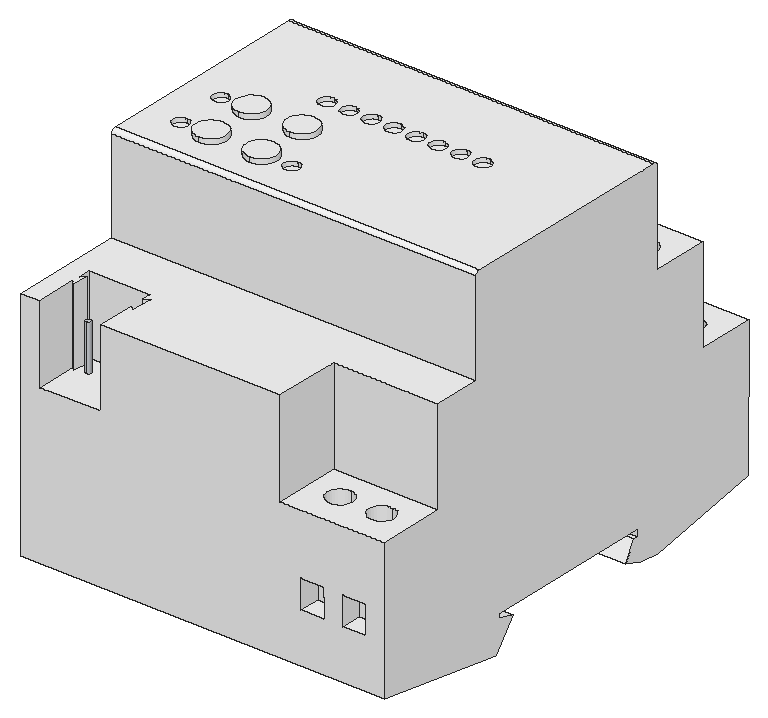
Revit family "Gira_212800", category Electrical Fixtures, host Face, Revit 2017
Family settings
  Host = Face
  Maintain Annotation Orientation = No
  Round Connector Dimension = Use Diameter
  Part Type = Normal
  Cut with Voids When Loaded = No
  Shared = No
  Room Calculation Point = No
Parameters (values of type "Bin.input 8-g 12 - 48 V AC/DC zero-volt. KNX DRA")
  With switch function = no
  Ventilschutzfunktion = no
  URL = "https://www.gira.de/"
  Type of voltage (input voltage) = "AC/DC"
  Type Comments = ""
  Suitable for C-load = no
  Rated current [Ampere] = 0
  Output voltage [Volt] = ""
  Output current [Ampere] = ""
  Number of outputs = 0
  Number of inputs = 8
  Number of binary inputs = 0
  Model = ""
  Max. number of venetian-blind outputs = 0
  Max. number of switching contacts = 0
  Manufacturer = "Gira"
  Handschaltung = no
  Local operation/hand operation = no
  Keynote = ""
  Input voltage [Volt] = "[12:48]"
  HeinzeBIM = "https://www.heinze.de/bim/bin-input-8-g-12-48-v-ac-dc-zero-volt-knx-dra/7bffefd257eabbc41457cb73de1d5ba235a54360"
  HAN = "212800"
  GTIN = "4010337018841"
  Description = "Bin.in.8g 12-48V AC DC DRA KNX KNX binary input 8-gang 12 - 48 V AC DC zero-voltage,DRA plus DRA binary inputs for connecting contacts. The switching processes of contacts (e.g. sentinels buttons) are converted to KNX telegrams. The inputs can be assigned various functions or blocked independently of each other in the process. Signal display possible via yellow status LEDs.,Features: - Each input has full function. All channel-oriented functions can be parameterised separately per input. - Actively transmitting telegrams of inputs can be delayed globally based on bus voltage return or ETS programming. - Debounce and telegram rate limit are configurable. - Free assignment of the functions switching, dimming, blind, value transmitter and pulse counter to the inputs. - Blocker for blocking individual inputs (polarity of the blocking object adjustable) for the functions switching, dimming, blind and value transmitter. - Behaviour upon bus voltage recovery can be configured separately for each input. - Switching function: Two independent switching objects are available for each input (switching commands can be individually configured), command for leading and trailing edge can be set independently (ON, OFF, CHANGE, no reaction), independent cyclical transmission of the switching object depending on the edge or depending on the object value can be selected. - Dimming function: single and double-surface operation, time between dimming and switching and dim-step size can be set, telegram repetition and stop-telegram transmission possible. - Blind function: Command can be set with rising edge (no function, UP, DOWN, CHANGE), operating concept can be configured (Step - Move - Step or Move - Step), time between short and long-term operation can be set (only with Step - Move - Step), slat adjustment time can be set. - Value transmitter function: edge (button as NO contact, button as NC contact, switch) and value with edge can be configured, value adjustment with button by pressing and holding button for value transmitters possible, light scene auxiliary unit with memory function and saving of the scene without previously calling up is possible. - Pulse counter function: Counting interval is adjustable, edges (counting with leading edge, counting with trailing edge, counting with leading and trailing edge) are programmable, number of pulses required at the input can be configured, number of required counts for a counter change can be configured, each input includes a main counter and an intermediate counter, main counter and intermediate counter can operate separately from each other as a forward or reverse counter, start and end values of the counter can be set via parameter or communication object, count status can be read via KNX or automatically, performance after counter operation is programmable, reset pulse counter via KNX (counter reset). - The binary input has eight independent inputs in the voltage range of 12 to 48 V that are connected to the electrical signals. - Evaluation of direct current voltage signals (DC) or alternating current voltage signals (AC). - The binary input has a separate  24 V DC auxiliary voltage (SELV) available for connecting zero-voltage contacts. - Status message in case of error with the auxiliary voltage on the bus can be removed. - Possibility to connect meters with S0 interface (e.g. energy, gas, water meter)."
  Default Elevation = 1219.2 mm
  Cost = 0
  Stellgröße schaltend = no
  Stellgröße stetig = no
  Bus connection included = no
  BIMSITE_PRODUCT_ID = "7bffefd257eabbc41457cb73de1d5ba235a54360"
  BIM = "https://media.live.bim.site/t/eyJhbGciOiJIUzI1NiIsInR5cCI6IkpXVCJ9.eyJjdCI6MSwidGYiOiJwdWJsaWMvZ2lyYS8wOWY1ZGI1L1JFRyA4Zi5yZmEiLCJjaWQiOiJmZWQ5OGU5YS0xYmQ4LTRjNjgtYTczYi03NGE5NGUzMTU4MjMiLCJyaWQiOiJhODJhY2FkNzJiMDk2ZTI5N2ZlNDY0NDU3ZTFlNjYyZCIsInBpZCI6IjdiZmZlZmQyNTdlYWJiYzQxNDU3Y2I3M2RlMWQ1YmEyMzVhNTQzNjAiLCJzaWQiOiI2MzQ3MCIsInV0Ijo1LCJsYyI6ImVuIiwiaWF0IjoxNjA3NDMyMzk1LCJpc3MiOiJodHRwczovL2FwaS5saXZlLmJpbS5zaXRlIiwic3ViIjoiOGQzYWE1Y2ItZTA2Ni00NTk4LWJlMTYtNmUxNmVlNzQ5NTZhIn0.to76Cz9Zzy3-8SBve8P-tiH8jeEnt2ZcvTRRakZY6tQ/REG 8f.rfa"
  Assembly Code = ""
Reference planes
  plane 1 "Center (Front/Back)": y = 0
  plane 2: z = 0
  plane 3 "Center (Left/Right)": x = 0
Forms (mm)
  Extrusion 1, solid, material "White", detail levels fine
    sketch origin (0, 0, 0) x (0, 1, 0) y (0, 0, 1)
      loop
        line (45.125, -2.619) -> (45.125, 24.95) -> (33.875, 24.95) -> (33.875, 43.8) -> (22.575, 43.8) -> (22.575, 62.05)
        arc (22.575, 62.05) -> (22.311, 62.686) -> (21.675, 62.95) r 0.9
        line (21.675, 62.95) -> (-21.175, 62.95)
        arc (-21.175, 62.95) -> (-21.785, 62.758) -> (-22.175, 62.25) r 1.064
        line (-22.175, 62.25) -> (-22.175, 43.8) -> (-44.725, 43.8) -> (-44.725, -2.619)
        arc (-44.725, -2.619) -> (-31.081, -5.433) -> (-17.243, -7.049) r 160
        line (-17.243, -7.049) -> (-13.165, -1.734) -> (-16.399, -0.807) -> (-16.399, 0) -> (17.8, 0) -> (17.8, -1.4) -> (16.8, -1.4) -> (14.749, -4.952)
        arc (14.749, -4.952) -> (18.64, -6.184) -> (22.7, -6.6) r 20
        arc (22.7, -6.6) -> (33.983, -5.009) -> (45.125, -2.619) r 160
    from -36 to 36
  Extrusion 2, void, detail levels fine
    sketch origin (0, 0, 0) x (1, 0, 0) y (0, 1, 0)
      loop
        circle (30, 26.925) r 2.55
      loop
        circle (21.75, 26.925) r 2.55
      loop
        circle (12.75, 26.925) r 2.55
      loop
        circle (4.5, 26.925) r 2.55
      loop
        circle (-4.5, 26.925) r 2.55
      loop
        circle (-12.75, 26.925) r 2.55
      loop
        circle (-21.75, 26.925) r 2.55
      loop
        circle (-30, 26.925) r 2.55
    from 37.936 to 43.8
  Extrusion 3, void, detail levels fine
    sketch origin (0, 11.25, -18.85) x (1, 0, 0) y (0, 1, 0)
      loop
        circle (30, 26.925) r 2.55
      loop
        circle (21.75, 26.925) r 2.55
      loop
        circle (12.75, 26.925) r 2.55
      loop
        circle (4.5, 26.925) r 2.55
      loop
        circle (-4.5, 26.925) r 2.55
      loop
        circle (-12.75, 26.925) r 2.55
      loop
        circle (-21.75, 26.925) r 2.55
      loop
        circle (-30, 26.925) r 2.55
    from 37.936 to 43.8
  Extrusion 4, void, detail levels fine
    sketch origin (0, 0, 0) x (1, 0, 0) y (0, 1, 0)
      loop
        circle (-13, -3.875) r 3
      loop
        circle (-23, -3.875) r 3
      loop
        circle (-23, -13.875) r 3
      loop
        circle (-13, -13.875) r 3
      loop
        circle (-29, -3.875) r 1.575
      loop
        circle (-29, -13.875) r 1.575
      loop
        circle (-7, -13.875) r 1.575
      loop
        circle (-15.4, 5.325) r 1.625
      loop
        circle (-11, 5.325) r 1.575
      loop
        circle (-6.6, 5.325) r 1.625
      loop
        circle (-2.2, 5.325) r 1.625
      loop
        circle (2.2, 5.325) r 1.625
      loop
        circle (6.6, 5.325) r 1.625
      loop
        circle (11, 5.325) r 1.575
      loop
        circle (15.4, 5.325) r 1.625
    from 58.253 to 62.95
  Extrusion 5, void, detail levels fine
    sketch origin (0, 0, 0) x (1, 0, 0) y (0, 1, 0)
      loop
        line (-32.175, -32.6) -> (-32.175, -34.9) -> (-31.24, -34.36) -> (-31.401, -37.165) -> (-32.175, -36.7) -> (-32.175, -44.875) -> (-20.175, -44.875) -> (-20.175, -37.33) -> (-19.075, -37.965) -> (-19.075, -33.635) -> (-20.175, -34.27) -> (-20.175, -32.6) -> (-32.175, -32.6)
    from 28.5 to 43.8
  Extrusion 6, solid, detail levels fine
    sketch origin (0, 0, 0) x (1, 0, 0) y (0, 1, 0)
      loop
        circle (-29.375, -36.2) r 0.5
      loop
        circle (-23.575, -36.2) r 0.5
    from 28.5 to 37.5
  Extrusion 7, void, detail levels fine
    sketch origin (0, 0, 0) x (1, 0, 0) y (0, 1, 0)
      loop
        line (15.289, -31.489) -> (15.289, -44.875) -> (36, -44.875) -> (36, -31.489) -> (15.289, -31.489)
    from 25 to 43.8
  Extrusion 8, void, detail levels fine
    sketch origin (0, 0, 0) x (1, 0, 0) y (0, 1, 0)
      loop
        circle (21.75, -37.925) r 2.55
      loop
        circle (30, -37.925) r 2.55
    from 19.086 to 24.95
  Extrusion 9, void, detail levels fine
    sketch origin (0, 0, 0) x (1, 0, 0) y (0, 0, 1)
      loop
        line (32.368, 26.75) -> (32.35, 28.865) -> (32.319, 32.45) -> (27.731, 32.45) -> (27.682, 26.75) -> (32.368, 26.75)
      loop
        line (24.118, 26.75) -> (24.1, 28.865) -> (24.069, 32.45) -> (19.481, 32.45) -> (19.432, 26.75) -> (24.118, 26.75)
      loop
        line (15.118, 26.75) -> (15.1, 28.865) -> (15.069, 32.45) -> (10.481, 32.45) -> (10.432, 26.75) -> (15.118, 26.75)
      loop
        line (6.868, 26.75) -> (6.85, 28.865) -> (6.819, 32.45) -> (2.231, 32.45) -> (2.182, 26.75) -> (6.868, 26.75)
      loop
        line (-2.182, 26.75) -> (-2.2, 28.865) -> (-2.231, 32.45) -> (-6.819, 32.45) -> (-6.868, 26.75) -> (-2.182, 26.75)
      loop
        line (-10.432, 26.75) -> (-10.45, 28.865) -> (-10.481, 32.45) -> (-15.069, 32.45) -> (-15.118, 26.75) -> (-10.432, 26.75)
      loop
        line (-19.35, 26.75) -> (-19.369, 28.865) -> (-19.4, 32.45) -> (-23.987, 32.45) -> (-24.037, 26.75) -> (-19.35, 26.75)
      loop
        line (-27.682, 26.75) -> (-27.7, 28.865) -> (-27.731, 32.45) -> (-32.319, 32.45) -> (-32.368, 26.75) -> (-27.682, 26.75)
    from -29.206 to -33.875
  Extrusion 10, void, detail levels fine
    sketch origin (0, 11.25, -19.567) x (1, 0, 0) y (0, 0, 1)
      loop
        line (32.368, 26.75) -> (32.35, 28.865) -> (32.319, 32.45) -> (27.731, 32.45) -> (27.682, 26.75) -> (32.368, 26.75)
      loop
        line (24.118, 26.75) -> (24.1, 28.865) -> (24.069, 32.45) -> (19.481, 32.45) -> (19.432, 26.75) -> (24.118, 26.75)
      loop
        line (15.118, 26.75) -> (15.1, 28.865) -> (15.069, 32.45) -> (10.481, 32.45) -> (10.432, 26.75) -> (15.118, 26.75)
      loop
        line (6.868, 26.75) -> (6.85, 28.865) -> (6.819, 32.45) -> (2.231, 32.45) -> (2.182, 26.75) -> (6.868, 26.75)
      loop
        line (-2.182, 26.75) -> (-2.2, 28.865) -> (-2.231, 32.45) -> (-6.819, 32.45) -> (-6.868, 26.75) -> (-2.182, 26.75)
      loop
        line (-10.432, 26.75) -> (-10.45, 28.865) -> (-10.481, 32.45) -> (-15.069, 32.45) -> (-15.118, 26.75) -> (-10.432, 26.75)
      loop
        line (-19.35, 26.75) -> (-19.369, 28.865) -> (-19.4, 32.45) -> (-23.987, 32.45) -> (-24.037, 26.75) -> (-19.35, 26.75)
      loop
        line (-27.682, 26.75) -> (-27.7, 28.865) -> (-27.731, 32.45) -> (-32.319, 32.45) -> (-32.368, 26.75) -> (-27.682, 26.75)
    from -29.206 to -33.875
  Extrusion 11, void, detail levels fine
    sketch origin (0, 0, 0) x (1, 0, 0) y (0, 0, 1)
      loop
        line (32.319, 12.883) -> (27.731, 12.883) -> (27.682, 7.183) -> (32.368, 7.183) -> (32.35, 9.298) -> (32.319, 12.883)
      loop
        line (24.069, 12.883) -> (19.481, 12.883) -> (19.432, 7.183) -> (24.118, 7.183) -> (24.1, 9.298) -> (24.069, 12.883)
    from 40.588 to 44.725
  Extrusion 12, solid, material "White", detail levels fine
    sketch origin (0, 0, 0) x (1, 0, 0) y (0, 1, 0)
      loop
        circle (-15.4, 5.325) r 1.625
      loop
        circle (-11, 5.325) r 1.575
      loop
        circle (-6.6, 5.325) r 1.625
      loop
        circle (-2.2, 5.325) r 1.625
      loop
        circle (2.2, 5.325) r 1.625
      loop
        circle (6.6, 5.325) r 1.625
      loop
        circle (11, 5.325) r 1.575
      loop
        circle (15.4, 5.325) r 1.625
      loop
        circle (-29, -3.875) r 1.575
      loop
        circle (-29, -13.875) r 1.575
      loop
        circle (-7, -13.875) r 1.575
    from 58.253 to 62.25
  Extrusion 13, solid, material "White", detail levels fine
    sketch origin (0, 0, 0) x (1, 0, 0) y (0, 1, 0)
      loop
        circle (-23, -3.875) r 3
      loop
        circle (-13, -3.875) r 3
      loop
        circle (-23, -13.875) r 3
      loop
        circle (-13, -13.875) r 3
    from 58.253 to 63.841
  Extrusion 14, solid, material "White", detail levels medium
    sketch origin (0, 0, 0) x (0, 1, 0) y (0, 0, 1)
      loop
        line (45.125, -7.049) -> (45.125, 24.95) -> (33.875, 24.95) -> (33.875, 43.8) -> (22.575, 43.8) -> (22.575, 63.841) -> (-22.175, 63.841) -> (-22.175, 43.8) -> (-44.725, 43.8) -> (-44.725, -7.049) -> (45.125, -7.049)
    from -36 to 36
  Extrusion 15, solid, material "White", detail levels coarse
    sketch origin (0, 0, 0) x (0, 1, 0) y (0, 0, 1)
      loop
        line (45.125, -7.049) -> (45.125, 63.841) -> (-44.725, 63.841) -> (-44.725, -7.049) -> (45.125, -7.049)
    from -36 to 36
Cuts and joins
  Extrusion 2, Extrusion 3, Extrusion 4, Extrusion 5, Extrusion 7, Extrusion 8, Extrusion 9, Extrusion 10, Extrusion 11 cuts Extrusion 1
Dimensions and locks
  aligned and locked: plane 2 to host face
  aligned and locked: level to host face
